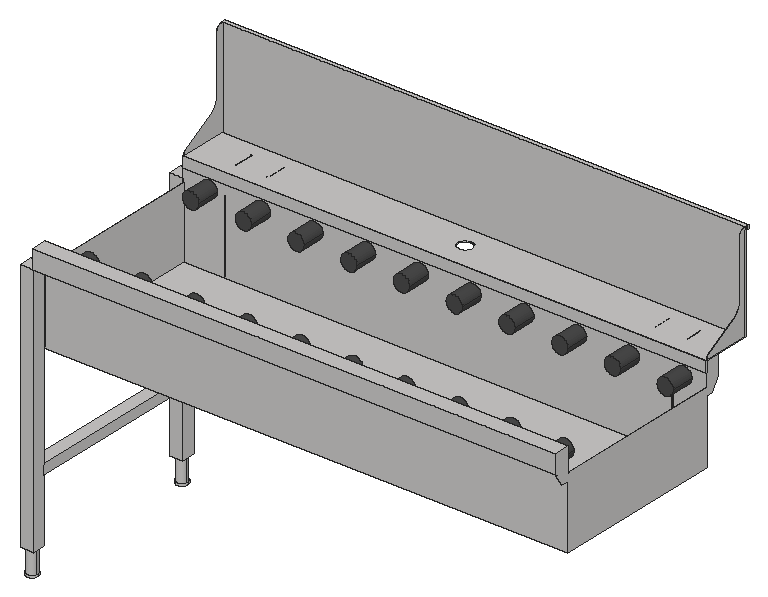
Revit family "QF_ELECTROLUXPROFESSIONAL_865215_HSSRDB16SB", category Specialty Equipment, Revit 2018
Family settings
  Round Connector Dimension = Use Diameter
  Part Type = Normal
  Work Plane-Based = No
  Always vertical = Yes
  Cut with Voids When Loaded = No
  Shared = No
  Room Calculation Point = No
Parameters
  Weight = 0.00 kg
  Watts = 0 W
  Volts = 0 V
  URL Manufacturer = "http://professional.electrolux.com/"
  URL = "http://professional.electrolux.com/"
  Steam Supply Size = 0 mm
  Steam Supply Minimum Pressure = 0.0 Pa
  Steam Supply Maximum Pressure = 0.0 Pa
  Steam Pounds per Hour = 0
  Refrigeration Suction Line Size = 0 mm
  Refrigeration Liquid Line Size = 0 mm
  Refrigerant Compressor Remote = yes
  Manufacturer = "Electrolux"
  Phase = 0
  Model = "HSSRDB16SB"
  Length Actual = 1600 mm  # constant formula
  Item Number = "865215"
  Hot Water Size = 0 mm
  Height Actual = 1213 mm  # constant formula
  HP = "0 HP"
  Gas Size = 0 mm
  Gas KW = 0
  Gas Input Pressure = 0 W
  Description = "SHORT ROLLER CONVEYOR WITH DEEP BASIN + SPLASHB., L=1600MM"
  Depth Actual = 735 mm  # constant formula
  Cycle = 0 Hz
  Condensate Return Size = 0 mm
  Compressed Air Volume = 0.0 L/s
  Compressed Air Size = 0 mm
  Compressed Air Pressure = 0.0 Pa
  Cold Water Size = 0 mm
  Accessory = yes
Reference planes
  plane 1 "Centro (Fronte/Retro)": y = 74.737
  plane 2: z = 0
  plane 3 "LEFT": x = -1038.761
  plane 4 "BACK": y = 499.737
  plane 5 "FRONT": y = -235.263
  plane 6: z = 910
  plane 7 "RIGHT": x = 561.239
Forms (mm)
  Extrusion 1, solid, material "QF_Finishes_Stainless Steel"
    sketch origin (0, 74.737, 0) x (1, 0, 0) y (0, 0, 1)
      loop
        line (-1079.929, 300) -> (-1079.929, 270) -> (-1039.929, 270) -> (-1039.929, 300) -> (-1079.929, 300)
    from -266.504 to 266.46
  Extrusion 2, solid, material "QF_Finishes_Stainless Steel"
    sketch origin (11.239, 0, 0) x (0, 1, 0) y (0, 0, 1)
      loop
        line (-235.263, 910) -> (-235.263, 850.033) -> (-190.242, 850.033) -> (-190.242, 910) -> (-235.263, 910)
      loop
        line (384.737, 910) -> (339.716, 910) -> (339.716, 850.033) -> (384.737, 850.033) -> (384.737, 910)
    from -1048.8 to 548.8
  Extrusion 3, solid, material "QF_Finishes_Stainless Steel"
    sketch origin (11.239, 0, 0) x (0, 1, 0) y (0, 0, 1)
      loop
        line (-191.727, 850.033) -> (-191.727, 618.033) -> (341.245, 618.033) -> (341.245, 850.033) -> (339.716, 850.033) -> (339.716, 621.033) -> (-190.242, 621.033) -> (-190.242, 850.033) -> (-191.727, 850.033)
    from -1048.8 to 548.8
  Extrusion 4, solid, material "QF_Finishes_Black"
    sketch origin (0, 74.737, 0) x (1, 0, 0) y (0, 0, 1)
      loop
        circle (-956.239, 850.115) r 25
      loop
        circle (-794.953, 850.115) r 25
      loop
        circle (-633.72, 850.115) r 25
      loop
        circle (-472.487, 850.115) r 25
      loop
        circle (-311.201, 850.115) r 25
      loop
        circle (-149.968, 850.115) r 25
      loop
        circle (11.239, 850.115) r 25
      loop
        circle (172.498, 850.115) r 25
      loop
        circle (333.732, 850.115) r 25
      loop
        circle (495.018, 850.115) r 25
    from 190.58 to 260.534
  Extrusion 5, solid, material "QF_Finishes_Black"
    sketch origin (0, 74.737, 0) x (1, 0, 0) y (0, 0, -1)
      loop
        circle (-956.239, -850.115) r 25
      loop
        circle (-794.953, -850.115) r 25
      loop
        circle (-633.72, -850.115) r 25
      loop
        circle (-472.487, -850.115) r 25
      loop
        circle (-311.201, -850.115) r 25
      loop
        circle (-149.968, -850.115) r 25
      loop
        circle (11.239, -850.115) r 25
      loop
        circle (172.498, -850.115) r 25
      loop
        circle (333.732, -850.115) r 25
      loop
        circle (495.018, -850.115) r 25
    from 190.58 to 260.534
  Extrusion 6, solid, material "QF_Finishes_Stainless Steel"
    sketch origin (1061.239, 723.253, 4000) x (0, 1, 0) y (0, 0, 1)
      loop
        line (-958.516, -3090) -> (-958.516, -3149.967) -> (-934.752, -3185.632) -> (-914.981, -3185.632) -> (-914.981, -3381.967) -> (-382.009, -3381.967) -> (-382.009, -3185.632) -> (-362.281, -3185.632) -> (-338.516, -3149.967) -> (-338.516, -3090) -> (-383.538, -3090) -> (-383.538, -3161.926) -> (-913.495, -3161.926) -> (-913.495, -3090) -> (-958.516, -3090)
    from -500 to -501.2
  Revolve 7, solid, material "QF_Finishes_Stainless Steel"
    sketch origin (-238.761, 0, 0) x (0, 1, 0) y (0, 0, 1)
      loop
        line (74.737, 618.033) -> (-1.756, 618.033) -> (-1.756, 601.823) -> (0.354, 601.823)
        arc (0.354, 601.823) -> (3.64, 597.973) -> (0.351, 594.125) r 3.897
        line (0.351, 594.125) -> (-1.756, 594.125) -> (-1.756, 551.31)
        arc (-1.756, 551.31) -> (8.91, 520.632) -> (36.296, 503.17) r 49.497
        line (36.296, 503.17) -> (36.296, 500.684) -> (37.487, 497.398) -> (51.25, 491.407) -> (51.25, 455.535) -> (52.727, 454.059) -> (74.737, 454.059) -> (74.737, 618.033)
      axis (74.737, 454.059) -> (74.737, 618.033)
    angle from 0 to 360
  Extrusion 8, solid, material "QF_Finishes_Stainless Steel"
    sketch origin (-537.561, 723.253, 4000) x (0, 1, 0) y (0, 0, 1)
      loop
        line (-958.516, -3090) -> (-958.516, -3149.967) -> (-914.981, -3149.967) -> (-914.981, -3381.967) -> (-382.009, -3381.967) -> (-382.009, -3149.967) -> (-338.516, -3149.967) -> (-338.516, -3090) -> (-383.538, -3090) -> (-383.538, -3161.926) -> (-913.495, -3161.926) -> (-913.495, -3090) -> (-958.516, -3090)
    from -500 to -501.2
  Extrusion 9, solid, material "QF_Finishes_Stainless Steel"
    sketch origin (-239.961, 342.237, 0) x (0, 1, 0) y (0, 0, -1)
      loop
        line (-2.521, -910) -> (-2.521, -879.543) -> (-4.021, -879.543) -> (-4.021, -911.5) -> (145.999, -911.5) -> (145.999, -1213) -> (157.5, -1213) -> (157.5, -1202.537) -> (156, -1202.537) -> (156, -1211.5) -> (147.499, -1211.5) -> (147.499, -910) -> (-2.521, -910)
    from -801.2 to 798.8
  Extrusion 10, solid, material "QF_Finishes_Stainless Steel"
    sketch origin (-915.761, 342.237, 0) x (0, 1, 0) y (0, 0, 1)
      loop
        line (-0.992, 624.033) -> (13.767, 624.033)
        arc (13.767, 624.033) -> (17.303, 625.498) -> (18.768, 629.034) r 5.001
        line (18.768, 629.034) -> (18.768, 745.739) -> (102.636, 891.045) -> (102.636, 910) -> (42.5, 910) -> (42.5, 850.033) -> (-0.992, 850.033) -> (-0.992, 624.033)
    from 0 to 3
  Extrusion 11, solid, material "QF_Finishes_Stainless Steel"
    sketch origin (-818.761, 342.237, 0) x (0, 1, 0) y (0, 0, 1)
      loop
        line (-0.992, 624.033) -> (13.767, 624.033)
        arc (13.767, 624.033) -> (17.303, 625.498) -> (18.768, 629.034) r 5.001
        line (18.768, 629.034) -> (18.768, 745.739) -> (102.636, 891.045) -> (102.636, 910) -> (42.5, 910) -> (42.5, 850.033) -> (-0.992, 850.033) -> (-0.992, 624.033)
    from 0 to 3
  Extrusion 12, solid, material "QF_Finishes_Stainless Steel"
    sketch origin (-205.939, 342.237, 13) x (-1, 0, 0) y (0, 0, 1)
      loop
        line (706.822, 837.033) -> (612.822, 837.033) -> (612.822, 611.033) -> (706.822, 611.033) -> (706.822, 837.033)
    from -0.992 to 1.008
  Extrusion 13, solid, material "QF_Finishes_Stainless Steel"
    sketch origin (560.039, 342.237, 0) x (0, 1, 0) y (0, 0, -1)
      loop
        line (1.051, -911.5) -> (1.051, -914.619)
        arc (1.051, -914.619) -> (2.37, -919.604) -> (6.004, -923.263) r 9.963
        line (6.004, -923.263) -> (100.988, -978.112)
        arc (100.988, -978.112) -> (119.305, -996.412) -> (126.02, -1021.418) r 50.023
        line (126.02, -1021.418) -> (126.02, -1196.012)
        arc (126.02, -1196.012) -> (130.414, -1206.62) -> (141.022, -1211.014) r 15.003
        line (141.022, -1211.014) -> (145.999, -1211.014) -> (145.999, -911.5) -> (1.051, -911.5)
    from -1.2 to 0
  Extrusion 14, solid, material "QF_Finishes_Stainless Steel"
    sketch origin (-1033.961, 342.237, 0) x (0, 1, 0) y (0, 0, -1)
      loop
        line (141.022, -1211.014) -> (145.999, -1211.014) -> (145.999, -911.5) -> (1.051, -911.5) -> (1.051, -914.619)
        arc (1.051, -914.619) -> (2.37, -919.604) -> (6.004, -923.263) r 9.963
        line (6.004, -923.263) -> (100.988, -978.112)
        arc (100.988, -978.112) -> (119.305, -996.412) -> (126.02, -1021.418) r 50.023
        line (126.02, -1021.418) -> (126.02, -1196.012)
        arc (126.02, -1196.012) -> (130.414, -1206.62) -> (141.022, -1211.014) r 15.003
    from 3.6 to 4.8
  Extrusion 15, void
    sketch origin (400, 0, 0) x (1, 0, 0) y (0, 1, 0)
      loop
        circle (-638.761, 417.226) r 22.503
    from 910 to 911.5
  Extrusion 16, solid, material "QF_Finishes_Stainless Steel"
    sketch origin (458.239, 342.237, 0) x (0, 1, 0) y (0, 0, -1)
      loop
        line (-0.992, -624.033) -> (-0.992, -850.033) -> (42.5, -850.033) -> (42.5, -910) -> (102.636, -910) -> (102.636, -891.045) -> (18.768, -745.739) -> (18.768, -629.034)
        arc (18.768, -629.034) -> (17.303, -625.498) -> (13.767, -624.033) r 5.001
        line (13.767, -624.033) -> (-0.992, -624.033)
    from 0 to 3
  Extrusion 17, solid, material "QF_Finishes_Stainless Steel"
    sketch origin (361.239, 342.237, 0) x (0, 1, 0) y (0, 0, -1)
      loop
        line (-0.992, -624.033) -> (-0.992, -850.033) -> (42.5, -850.033) -> (42.5, -910) -> (102.636, -910) -> (102.636, -891.045) -> (18.768, -745.739) -> (18.768, -629.034)
        arc (18.768, -629.034) -> (17.303, -625.498) -> (13.767, -624.033) r 5.001
        line (13.767, -624.033) -> (-0.992, -624.033)
    from 0 to 3
  Extrusion 18, solid, material "QF_Finishes_Stainless Steel"
    sketch origin (-251.583, 342.237, 13) x (1, 0, 0) y (0, 0, -1)
      loop
        line (706.822, -837.033) -> (706.822, -611.033) -> (612.822, -611.033) -> (612.822, -837.033) -> (706.822, -837.033)
    from -0.992 to 1.008
Cuts and joins
  joined: Extrusion 2, Extrusion 3, Extrusion 6, Revolve 7, Extrusion 8
  Extrusion 15 cuts Extrusion 9
Lines and regions (mm)
  Split face 1
    outline origin (808.239, 339.716, 621.033) x (-1, 0, 0) y (0, -1, 0)
      loop
        circle (1047, 264.904) r 3.016
  Split face 2
    outline origin (808.239, 339.716, 621.033) x (-1, 0, 0) y (0, -1, 0)
      loop
        circle (1047, 264.904) r 52.991
  Split face 3
    outline origin (808.239, 339.716, 621.033) x (-1, 0, 0) y (0, -1, 0)
      loop
        circle (1047, 264.904) r 36.015
  Split face 4
    outline origin (808.239, 339.716, 621.033) x (-1, 0, 0) y (0, -1, 0)
      loop
        circle (1047, 264.904) r 26.027
  Split face 5
    outline origin (808.239, 339.716, 621.033) x (-1, 0, 0) y (0, -1, 0)
      loop
        circle (1047, 264.904) r 9.056
  Masking region 1
    outline origin (0, 0, 0) x (1, 0, 0) y (0, 1, 0)
      loop
        line (-1038.761, 499.737) -> (-1038.761, -235.263) -> (561.239, -235.263) -> (561.239, 499.737) -> (-1038.761, 499.737)
  symbolic lines
    curve 1: line (561.239, 499.737, 0) -> (-1038.761, 499.737, 0)
    curve 2: line (-1038.761, 499.737, 0) -> (-1038.761, -235.263, 0)
    curve 3: line (-1038.761, 339.716, 0) -> (561.239, 339.716, 0)
    curve 4: line (-1038.761, -235.263, 0) -> (561.239, -235.263, 0)
    curve 5: line (561.239, -235.263, 0) -> (561.239, 499.737, 0)
    curve 6: line (561.239, -190.242, 0) -> (-1038.761, -190.242, 0)
    curve 7: line (-931.239, 335.271, 0) -> (-981.239, 335.271, 0)
    curve 8: line (-981.239, 335.271, 0) -> (-981.239, 265.317, 0)
    curve 9: line (-981.239, 265.317, 0) -> (-931.239, 265.317, 0)
    curve 10: line (-931.239, 265.317, 0) -> (-931.239, 335.271, 0)
    curve 11: line (-769.953, 335.271, 0) -> (-819.953, 335.271, 0)
    curve 12: line (-819.953, 335.271, 0) -> (-819.953, 265.317, 0)
    curve 13: line (-819.953, 265.317, 0) -> (-769.953, 265.317, 0)
    curve 14: line (-769.953, 265.317, 0) -> (-769.953, 335.271, 0)
    curve 15: line (-608.72, 335.271, 0) -> (-658.72, 335.271, 0)
    curve 16: line (-658.72, 335.271, 0) -> (-658.72, 265.317, 0)
    curve 17: line (-658.72, 265.317, 0) -> (-608.72, 265.317, 0)
    curve 18: line (-608.72, 265.317, 0) -> (-608.72, 335.271, 0)
    curve 19: line (-447.487, 335.271, 0) -> (-497.487, 335.271, 0)
    curve 20: line (-497.487, 335.271, 0) -> (-497.487, 265.317, 0)
    curve 21: line (-497.487, 265.317, 0) -> (-447.487, 265.317, 0)
    curve 22: line (-447.487, 265.317, 0) -> (-447.487, 335.271, 0)
    curve 23: line (-286.201, 335.271, 0) -> (-336.201, 335.271, 0)
    curve 24: line (-336.201, 335.271, 0) -> (-336.201, 265.317, 0)
    curve 25: line (-336.201, 265.317, 0) -> (-286.201, 265.317, 0)
    curve 26: line (-286.201, 265.317, 0) -> (-286.201, 335.271, 0)
    curve 27: line (-174.968, 335.271, 0) -> (-124.968, 335.271, 0)
    curve 28: line (-124.968, 335.271, 0) -> (-124.968, 265.317, 0)
    curve 29: line (-124.968, 265.317, 0) -> (-174.968, 265.317, 0)
    curve 30: line (-174.968, 265.317, 0) -> (-174.968, 335.271, 0)
    curve 31: line (36.239, 335.271, 0) -> (-13.761, 335.271, 0)
    curve 32: line (-13.761, 335.271, 0) -> (-13.761, 265.317, 0)
    curve 33: line (-13.761, 265.317, 0) -> (36.239, 265.317, 0)
    curve 34: line (36.239, 265.317, 0) -> (36.239, 335.271, 0)
    curve 35: line (-931.239, -115.842, 0) -> (-981.239, -115.842, 0)
    curve 36: line (-981.239, -115.842, 0) -> (-981.239, -185.797, 0)
    curve 37: line (-981.239, -185.797, 0) -> (-931.239, -185.797, 0)
    curve 38: line (-931.239, -185.797, 0) -> (-931.239, -115.842, 0)
    curve 39: line (-819.953, -115.842, 0) -> (-769.953, -115.842, 0)
    curve 40: line (-769.953, -115.842, 0) -> (-769.953, -185.797, 0)
    curve 41: line (-769.953, -185.797, 0) -> (-819.953, -185.797, 0)
    curve 42: line (-819.953, -185.797, 0) -> (-819.953, -115.842, 0)
    curve 43: line (-608.72, -115.842, 0) -> (-658.72, -115.842, 0)
    curve 44: line (-658.72, -115.842, 0) -> (-658.72, -185.797, 0)
    curve 45: line (-658.72, -185.797, 0) -> (-608.72, -185.797, 0)
    curve 46: line (-608.72, -185.797, 0) -> (-608.72, -115.842, 0)
    curve 47: line (-447.487, -115.842, 0) -> (-497.487, -115.842, 0)
    curve 48: line (-497.487, -115.842, 0) -> (-497.487, -185.797, 0)
    curve 49: line (-497.487, -185.797, 0) -> (-447.487, -185.797, 0)
    curve 50: line (-447.487, -185.797, 0) -> (-447.487, -115.842, 0)
    curve 51: line (-286.201, -115.842, 0) -> (-336.201, -115.842, 0)
    curve 52: line (-336.201, -115.842, 0) -> (-336.201, -185.797, 0)
    curve 53: line (-336.201, -185.797, 0) -> (-286.201, -185.797, 0)
    curve 54: line (-286.201, -185.797, 0) -> (-286.201, -115.842, 0)
    curve 55: line (-124.968, -115.842, 0) -> (-174.968, -115.842, 0)
    curve 56: line (-174.968, -115.842, 0) -> (-174.968, -185.797, 0)
    curve 57: line (-174.968, -185.797, 0) -> (-124.968, -185.797, 0)
    curve 58: line (-124.968, -185.797, 0) -> (-124.968, -115.842, 0)
    curve 59: line (36.239, -115.842, 0) -> (-13.761, -115.842, 0)
    curve 60: line (-13.761, -115.842, 0) -> (-13.761, -185.797, 0)
    curve 61: line (-13.761, -185.797, 0) -> (36.239, -185.797, 0)
    curve 62: line (36.239, -185.797, 0) -> (36.239, -115.842, 0)
    curve 63: line (197.498, -115.842, 0) -> (147.498, -115.842, 0)
    curve 64: line (147.498, -115.842, 0) -> (147.498, -185.797, 0)
    curve 65: line (147.498, -185.797, 0) -> (197.498, -185.797, 0)
    curve 66: line (197.498, -185.797, 0) -> (197.498, -115.842, 0)
    curve 67: line (358.732, -115.842, 0) -> (308.732, -115.842, 0)
    curve 68: line (308.732, -115.842, 0) -> (308.732, -185.797, 0)
    curve 69: line (308.732, -185.797, 0) -> (358.732, -185.797, 0)
    curve 70: line (358.732, -185.797, 0) -> (358.732, -115.842, 0)
    curve 71: line (520.018, -115.842, 0) -> (470.018, -115.842, 0)
    curve 72: line (470.018, -115.842, 0) -> (470.018, -185.797, 0)
    curve 73: line (470.018, -185.797, 0) -> (520.018, -185.797, 0)
    curve 74: line (520.018, -185.797, 0) -> (520.018, -115.842, 0)
    curve 75: line (147.498, 265.317, 0) -> (197.498, 265.317, 0)
    curve 76: line (197.498, 265.317, 0) -> (197.498, 335.271, 0)
    curve 77: line (197.498, 335.271, 0) -> (147.498, 335.271, 0)
    curve 78: line (147.498, 335.271, 0) -> (147.498, 265.317, 0)
    curve 79: line (358.732, 265.317, 0) -> (308.732, 265.317, 0)
    curve 80: line (308.732, 265.317, 0) -> (308.732, 335.271, 0)
    curve 81: line (308.732, 335.271, 0) -> (358.732, 335.271, 0)
    curve 82: line (358.732, 335.271, 0) -> (358.732, 265.317, 0)
    curve 83: line (470.018, 265.317, 0) -> (520.018, 265.317, 0)
    curve 84: line (520.018, 265.317, 0) -> (520.018, 335.271, 0)
    curve 85: line (520.018, 335.271, 0) -> (470.018, 335.271, 0)
    curve 86: line (470.018, 335.271, 0) -> (470.018, 265.317, 0)
    curve 87: line (-1038.761, 343.288, 0) -> (-1037.561, 343.288, 0)
    curve 88: line (-1037.561, 343.288, 0) -> (-1037.561, 488.236, 0)
    curve 89: line (-1038.761, 488.236, 0) -> (561.239, 488.236, 0)
    curve 90: line (560.039, 488.236, 0) -> (560.039, 343.288, 0)
    curve 91: line (560.039, 343.288, 0) -> (561.239, 343.288, 0)
    curve 92: arc (-261.264, 417.226, 0) -> (-238.761, 439.729, 0) -> (-216.258, 417.226, 0) r 22.503
    curve 93: arc (-216.258, 417.226, 0) -> (-238.761, 394.723, 0) -> (-261.264, 417.226, 0) r 22.503
    curve 94: line (561.239, 74.737, 0) -> (531.239, 74.737, 0)
    curve 95: arc (-238.761, 151.231, 0) -> (-162.267, 74.737, 0) -> (-238.761, -1.756, 0) r 76.494
    curve 96: arc (-238.761, -1.756, 0) -> (-315.254, 74.737, 0) -> (-238.761, 151.231, 0) r 76.494
    curve 97: arc (-238.761, 96.747, 0) -> (-260.771, 74.737, 0) -> (-238.761, 52.727, 0) r 22.01
    curve 98: arc (-238.761, 52.727, 0) -> (-216.751, 74.737, 0) -> (-238.761, 96.747, 0) r 22.01
Dimensions and locks
  plane 3 "LEFT" to plane 7 "RIGHT" = 1600 mm
  plane 4 "BACK" to plane 1 "Centro (Fronte/Retro)" to plane 5 "FRONT" = 425 mm, 310 mm
  plane 4 "BACK" to plane 5 "FRONT" = 735 mm
  aligned and locked: level to plane 2
Nested families
  nested 1: "Foot_40x40" at (-1059.929, 361.245, 0), type "Foot_40x40"
    with A 850.033 mm
  nested 2: "Foot_40x40" at (-1059.929, -211.771, 0), type "Foot_40x40"
    with A 850.033 mm
  nested 3: "Foot_40x40" at (-1059.929, 361.245, 0), type "Foot_40x40"
    with A 850.033 mm
Connectors
  piping at (-238.761, 74.737, 454.059), diameter 30
    settings: on cut or joined group of Extrusion 2, Extrusion 3, Extrusion 6, Revolve 7, Extrusion 8, index 1, connector inside diameter 609.6 mm, connector length 0 mm, flow factor 0, pipe flow 0.0 L/s, pressure drop 0.0 Pa, fitting loss kfactor 0, connector angle 0.00°, fixture units 0, engagement length 0 mm, angle of deflection 0.00°, flow configuration 1, flow direction 2, fitting loss method 0, system type 16, joint type 0, gender type 0, connector reference index -1, connector utility 0, adjustable connector no, is connector primary yes, connector description "Drain"
Definition of nested family "Foot_40x40"
  Parameters
    A [instance] = 850 mm
  Reference planes
    plane 1 "Centro (Fronte/Retro)": y = 0
    plane 2: z = 0
    plane 3 "Centro (Sinistra/Destra)": x = 0
    plane 4: z = 850
  Forms (mm)
    Extrusion 1, solid
      sketch origin (0, 0, 0) x (1, 0, 0) y (0, 1, 0)
        loop
          circle (0, 0) r 18
      from 0 to 5
    Extrusion 2, solid
      sketch origin (0, 0, 5) x (1, 0, 0) y (0, 1, 0)
        loop
          circle (0, 0) r 15
      from 0 to 70
    Extrusion 3, solid
      sketch origin (0, 0, 75) x (1, 0, 0) y (0, 1, 0)
        loop
          line (-20, 20) -> (-20, -20) -> (20, -20) -> (20, 20) -> (-20, 20)
      from 0 to 775
  Dimensions and locks
    "A": plane 4 to plane 2
    aligned and locked: level to plane 2
    aligned and locked: plane 4 to Extrusion 3
    aligned and locked: Extrusion 1 to level
  Automatic sketch dimensions
    plane 1 "Centro (Fronte/Retro)" to Extrusion 1 sketch curve = 0 mm
    Extrusion 1 sketch curve to plane 3 "Centro (Sinistra/Destra)" = 0 mm
    Extrusion 3 sketch curve to Extrusion 3 sketch curve = 40 mm  (x2)
    radius of Extrusion 1 sketch curve = 18 mm
    radius of Extrusion 2 sketch curve to Extrusion 1 = 3 mm
